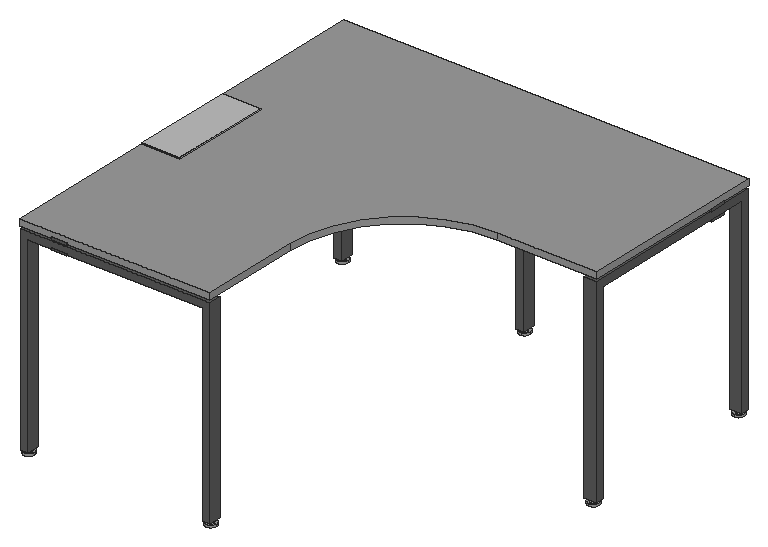
Revit family "Haworth_Tibas_Desk_LShape_AP_PRELIMINARY1", category Furniture, Revit 2019
Family settings
  OmniClass Number = 23.40.70.14.64.11
  OmniClass Title = Office Furniture
  Work Plane-Based = No
  Always vertical = Yes
  Cut with Voids When Loaded = No
  Shared = No
  Room Calculation Point = No
Parameters (values of type "1600/750 x 1600/750")
  Worksurface Width = "1200, 1400, 1500, 1600"  # constant formula
  Worksurface Depth = "600, 700, 750mm"  # constant formula
  With Top = yes
  Warranty = "http://www.haworth.com/resources/product-info/warranties"
  U-Leg Frame R [instance] = yes
  U-Leg Frame [instance] = yes
  Type Comments = ""
  URL = "https://www.haworth.com/ap/en.html"
  Trim Finish = Haworth _ Polymer _ Undecided
  Top Finish [instance] = Haworth _ Laminate _ Undecided _ Tables
  Size = "Verify Final Dim.w/ Haworth"  # constant formula
  Round Cable Outlet = no
  Revision Number = "1"  # constant formula
  Product URL = "https://www.haworth.com/ap/en/products/office-desks/tibas.html"
  No Accessory Kit = not(or(Cable Tray Single, Accessory Kit, Flip Top Cable Outlet, Round Cable Outlet))  # no
  Model = "SYTBLSXXXX"  # constant formula
  Manufacturer = "Haworth"  # constant formula
  Leg Height = Actual Height - 35 mm  # 800.025 mm
  Flip Top Width = 400 mm
  Flip Top Cable Outlet = yes
  Description = "Haworth - Tibas - Desk - L-Shape"  # constant formula
  Depth = 750 mm
  Cable Tray Width = Actual Length - 300 mm  # 1300 mm
  Cable Tray Single = yes
  Cable Tray Finish = Haworth _ Paint _ Metallic Silver
  Beam Width R = Actual Width - 150 mm  # 1450 mm
  Base Finish [instance] = Haworth _ Paint _ Black
  Back Leg Offset = 150 mm  # constant formula
  Author = "Haworth (Abd Rahman)"  # constant formula
  Assembly Code = "E2020200"
  Actual Width = 1600 mm
  Actual Length = 1600 mm
  Actual Height = 835.025 mm
  Actual Depth = 750 mm
  Accessory Kit = and(or(Flip Top Cable Outlet, Round Cable Outlet))  # yes
  1600/750 x 1600/750 = yes
  1600/750 x 1600/600 = no
  1600/700 x 1600/700 = no
  1600/600 x 1600/600 = no
  1600/600 x 1400/600 = no
  1600/600 x 1200/600 = no
  1500/600 x 1500/600 = no
Types (7, lengths in mm): name | Round Cable Outlet | No Accessory Kit | Flip Top Width | Flip Top Cable Outlet | Depth | Cable Tray Width | Cable Tray Single | Beam Width R | Actual Width | Actual Length | Actual Depth | Accessory Kit | 1600/750 x 1600/750 | 1600/750 x 1600/600 | 1600/700 x 1600/700 | 1600/600 x 1600/600 | 1600/600 x 1400/600 | 1600/600 x 1200/600 | 1500/600 x 1500/600
  1500/600 x 1500/600 | no | no | 200 | yes | 600 | 1200 | yes | 1350 | 1500 | 1500 | 600 | yes | no | no | no | no | no | no | yes
  1600/600 x 1200/600 | yes | no | 200 | no | 600 | 900 | yes | 1450 | 1600 | 1200 | 600 | yes | no | no | no | no | no | yes | no
  1600/600 x 1400/600 | no | yes | 200 | no | 600 | 1100 | no | 1450 | 1600 | 1400 | 600 | no | no | no | no | no | yes | no | no
  1600/600 x 1600/600 | no | no | 200 | yes | 600 | 1300 | yes | 1450 | 1600 | 1600 | 600 | yes | no | no | no | yes | no | no | no
  1600/700 x 1600/700 | yes | no | 200 | no | 700 | 1300 | yes | 1450 | 1600 | 1600 | 700 | yes | no | no | yes | no | no | no | no
  1600/750 x 1600/600 | no | yes | 400 | no | 750 | 1300 | no | 1450 | 1600 | 1600 | 600 | no | no | yes | no | no | no | no | no
  1600/750 x 1600/750 | no | no | 400 | yes | 750 | 1300 | yes | 1450 | 1600 | 1600 | 750 | yes | yes | no | no | no | no | no | no
Reference planes
  plane 1 "Center F/B": y = 174.526
  plane 2: z = 0
  plane 3 "Center L/R": x = 114.3
  plane 4 "Top": z = 835.025
  plane 5 "Left": x = -685.7
  plane 6 "Right": x = 914.3
  plane 7 "Back": y = 974.526
  plane 8 "Front": y = -625.474
  plane 9: z = 810.025
  plane 10: z = 800.025
  plane 11: y = 824.526
  plane 12: y = 224.526
  plane 13: x = -535.7
  plane 14: x = 64.3
Dimensions and locks
  "Actual Height": plane 4 "Top" to level
  equal spacing: plane 7 "Back", plane 1 "Center F/B", plane 8 "Front"
  "Actual Length": plane 7 "Back" to plane 8 "Front"
  equal spacing: plane 5 "Left", plane 3 "Center L/R", plane 6 "Right"
  "Actual Width": plane 5 "Left" to plane 6 "Right"
  plane 4 "Top" to plane 9 to plane 10 = 25 mm locked, 10 mm locked
  "Back Leg Offset": plane 7 "Back" to plane 11
  "Actual Depth": plane 7 "Back" to plane 12
  "Back Leg Offset": plane 5 "Left" to plane 13
  "Depth": plane 5 "Left" to plane 14
  aligned and locked: plane 7 "Back" to nested 2
  aligned and locked: nested 2 to plane 6 "Right"
  aligned and locked: nested 3 to plane 7 "Back"
  aligned and locked: nested 3 to plane 5 "Left"
  aligned and locked: nested 4 to plane 8 "Front"
  aligned and locked: nested 4 to plane 5 "Left"
  aligned and locked: plane 1 "Center F/B" to nested 7
  aligned and locked: plane 13 to nested 7
  aligned and locked: nested 6 to plane 11
  aligned and locked: nested 7 to plane 9
  aligned and locked: nested 5 to plane 9
  aligned and locked: nested 6 to plane 9
  aligned and locked: nested 6 to plane 13
  aligned and locked: plane 5 "Left" to nested 1
  aligned and locked: nested 1 to plane 4 "Top"
  aligned and locked: nested 1 to plane 7 "Back"
  aligned and locked: nested 8 to plane 11
  aligned and locked: plane 13 to nested 8
  aligned and locked: plane 4 "Top" to nested 8
  aligned and locked: nested 5 to plane 1 "Center F/B"
  aligned and locked: nested 5 to plane 5 "Left"
  aligned and locked: nested 9 to plane 1 "Center F/B"
  aligned and locked: nested 9 to plane 5 "Left"
  aligned and locked: nested 9 to plane 4 "Top"
Nested families
  nested 1: "Haworth_Tibas_Top_L-Shaped-PART" at (-227.8, 381.386, 365.025) x (0, 1, 0) z (0, 0, 1), Top Finish <- "Top Finish", visible <- "With Top", type "L - Shaped Top"
    with Top Finish Haworth _ Laminate _ Undecided _ Tables
  nested 2: "Haworth_Tibas_Base_U-Leg_PART" at (1046.159, 891.626, 0), visible <- "U-Leg Frame R", Leg Finish <- "Base Finish", type "U-Leg Frame - PART R"
    with Leg Finish Haworth _ Paint _ Black, Actual Height 800.025 mm, Actual Depth 750 mm
  nested 3: "Haworth_Tibas_Base_U-Leg_PART" at (-602.8, 1106.386, 0) x (0, 1, 0) z (0, 0, 1), Leg Finish <- "Base Finish", visible <- "U-Leg Frame R", type "U-Leg Frame - PART R"
    with Leg Finish Haworth _ Paint _ Black, Actual Height 800.025 mm, Actual Depth 750 mm
  nested 4: "Haworth_Tibas_Base_U-Leg_PART" at (-602.8, -443.614, 0) x (0, 1, 0) z (0, 0, 1), Leg Finish <- "Base Finish", visible <- "U-Leg Frame", type "U-Leg Frame - PART L"
    with Leg Finish Haworth _ Paint _ Black, Actual Height 800.025 mm, Actual Depth 750 mm
  nested 5: "Haworth_Tibas_CableManagement_CableTraySingle-PART" at (-887.8, 331.386, 326.425) x (0, 1, 0) z (0, 0, 1), Cable Tray Finish <- "Cable Tray Finish", visible <- "Cable Tray Single", type "Cable Tray Single"
    with Cable Tray Finish Haworth _ Paint _ Metallic Silver, Actual Width 1300 mm
  nested 6: "Haworth_Tibas_Understructure_DeskBeamAP-Leg_PART" at (1046.159, 1116.626, 113.025), Leg Finish <- "Base Finish", type "Beam - Understructure R- PART"
    with Leg Finish Haworth _ Paint _ Black, Actual Width 1450 mm
  nested 7: "Haworth_Tibas_Understructure_DeskBeamAP-Leg_PART" at (-827.8, 1106.386, 116.775) x (0, 1, 0) z (0, 0, 1), Leg Finish <- "Base Finish", type "Beam - Understructure - PART"
    with Leg Finish Haworth _ Paint _ Black, Actual Width 1600 mm
  nested 8: "Haworth_CableOutlet_Round_PART" at (-378.841, 1116.626, 312.793), visible <- "Round Cable Outlet", type "Cable Outlet"
  nested 9: "Haworth-Flip Top" at (-609.367, 160.039, 35.025) x (0, 1, 0) z (0, 0, 1), visible <- "Flip Top Cable Outlet", type "Flip Top - Visio"
    with Flip Top Height 40 mm, Actual Width 400 mm, Actual Depth 150 mm
Definition of nested family "Haworth_Tibas_Top_L-Shaped-PART"
  Parameters (values of type "L - Shaped Top")
    Warranty = "http://www.haworth.com/resources/product-info/warranties"
    URL - Product = ""
    URL = "https://www.haworth.com/eu/en.html"
    Top Finish [instance] = none
    Thickness = 25 mm  # constant formula
    Size = "Verify Final Dim. w/ Haworth"  # constant formula
    Revision Number = "1"  # constant formula
    Model = "Haworth - Tibas"  # constant formula
    Manufacturer = "Haworth"  # constant formula
    Description = "Haworth - Tibas"  # constant formula
    Author = "Haworth (Abd Rahman)"  # constant formula
    Assembly Code = "E2020200"
    Actual Mounting Height = 450 mm
    1600/750 x 1600/750 = yes
    1600/750 x 1600/600 = no
    1600/700 x 1600/700 = no
    1600/600 x 1600/600 = no
    1600/600 x 1400/600 = no
    1600/600 x 1200/600 = no
    1500/600 x 1500/600 = no
  Reference planes
    plane 1: z = -5
    plane 2 "Top of top": z = 470
    plane 3 "Bottom of top": z = 445
    plane 4: x = -1006.859
    plane 5: x = 593.141
    plane 6: x = -206.859
    plane 7: y = 457.9
    plane 8: y = -1142.1
    plane 9: y = -342.1
  Forms (mm)
    Extrusion 1, solid, material <- "Top Finish", visible <- "1600/750 x 1600/750"
      sketch origin (10890.533, -240.205, 0) x (1, 0, 0) y (0, 1, 0)
        loop
          line (-10297.392, 698.105) -> (-11897.392, 698.105) -> (-11897.392, -51.895) -> (-11501.448, -51.895)
          arc (-11501.448, -51.895) -> (-11180.382, -184.885) -> (-11047.392, -505.952) r 454.056
          line (-11047.392, -505.952) -> (-11047.392, -901.895) -> (-10297.392, -901.895) -> (-10297.392, 698.105)
      from 445 to 470
    Extrusion 2, solid, material <- "Top Finish", visible <- "1600/750 x 1600/600"
      sketch origin (8140.533, -40.205, 0) x (1, 0, 0) y (0, 1, 0)
        loop
          line (-9147.392, 498.105) -> (-9147.392, -251.895) -> (-8613.816, -251.895)
          arc (-8613.816, -251.895) -> (-8284.004, -388.508) -> (-8147.392, -718.32) r 466.424
          line (-8147.392, -718.32) -> (-8147.392, -1101.895) -> (-7547.392, -1101.895) -> (-7547.392, 498.105) -> (-9147.392, 498.105)
      from 445 to 470
    Extrusion 3, solid, material <- "Top Finish", visible <- "1600/700 x 1600/700"
      sketch origin (4640.533, 259.795, 0) x (1, 0, 0) y (0, 1, 0)
        loop
          line (-4047.392, 198.105) -> (-5647.392, 198.105) -> (-5647.392, -501.895) -> (-5202.392, -501.895)
          arc (-5202.392, -501.895) -> (-4880.658, -635.162) -> (-4747.392, -956.895) r 455
          line (-4747.392, -956.895) -> (-4747.392, -1401.895) -> (-4047.392, -1401.895) -> (-4047.392, 198.105)
      from 445 to 470
    Extrusion 4, solid, material <- "Top Finish", visible <- "1600/600 x 1600/600"
      sketch origin (11140.533, 3259.795, 0) x (1, 0, 0) y (0, 1, 0)
        loop
          line (-10547.392, -2801.895) -> (-12147.392, -2801.895) -> (-12147.392, -3401.895) -> (-11601.136, -3401.895)
          arc (-11601.136, -3401.895) -> (-11280.291, -3534.794) -> (-11147.392, -3855.64) r 453.745
          line (-11147.392, -3855.64) -> (-11147.392, -4401.895) -> (-10547.392, -4401.895) -> (-10547.392, -2801.895)
      from 445 to 470
    Extrusion 5, solid, material <- "Top Finish", visible <- "1600/600 x 1400/600"
      sketch origin (8190.533, 3759.795, 0) x (1, 0, 0) y (0, 1, 0)
        loop
          line (-7597.392, -3301.895) -> (-8997.392, -3301.895) -> (-8997.392, -3901.895) -> (-8651.069, -3901.895)
          arc (-8651.069, -3901.895) -> (-8330.271, -4034.774) -> (-8197.392, -4355.572) r 453.677
          line (-8197.392, -4355.572) -> (-8197.392, -4901.895) -> (-7597.392, -4901.895) -> (-7597.392, -3301.895)
      from 445 to 470
    Extrusion 6, solid, material <- "Top Finish", visible <- "1600/600 x 1200/600"
      sketch origin (4940.533, 3759.795, 0) x (1, 0, 0) y (0, 1, 0)
        loop
          line (-4347.392, -3301.895) -> (-5547.392, -3301.895) -> (-5547.392, -3901.895) -> (-5401.395, -3901.895)
          arc (-5401.395, -3901.895) -> (-5080.366, -4034.87) -> (-4947.392, -4355.899) r 454.003
          line (-4947.392, -4355.899) -> (-4947.392, -4901.895) -> (-4347.392, -4901.895) -> (-4347.392, -3301.895)
      from 445 to 470
    Extrusion 7, solid, material <- "Top Finish", visible <- "1500/600 x 1500/600"
      sketch origin (11140.533, 6076.475, 0) x (1, 0, 0) y (0, 1, 0)
        loop
          line (-10547.392, -5618.575) -> (-12047.392, -5618.575) -> (-12047.392, -6218.575) -> (-11597.969, -6218.575)
          arc (-11597.969, -6218.575) -> (-11279.363, -6350.546) -> (-11147.392, -6669.152) r 450.578
          line (-11147.392, -6669.152) -> (-11147.392, -7118.575) -> (-10547.392, -7118.575) -> (-10547.392, -5618.575)
      from 445 to 470
  Lines and regions (mm)
    Masking region 1, visible <- "1600/600 x 1200/600"
      outline origin (0, 0, 0) x (1, 0, 0) y (0, 1, 0)
        loop
          line (-606.859, 457.9) -> (-606.859, -142.1) -> (-460.862, -142.1)
          arc (-460.862, -142.1) -> (-139.834, -275.074) -> (-6.859, -596.103) r 454.003
          line (-6.859, -596.103) -> (-6.859, -1142.1) -> (593.141, -1142.1) -> (593.141, 457.9) -> (-606.859, 457.9)
    Masking region 2, visible <- "1600/600 x 1400/600"
      outline origin (0, 0, 0) x (1, 0, 0) y (0, 1, 0)
        loop
          line (-806.859, 457.9) -> (-806.859, -142.1) -> (-460.536, -142.1)
          arc (-460.536, -142.1) -> (-139.738, -274.979) -> (-6.859, -595.777) r 453.677
          line (-6.859, -595.777) -> (-6.859, -1142.1) -> (593.141, -1142.1) -> (593.141, 457.9) -> (-806.859, 457.9)
    Masking region 3, visible <- "1500/600 x 1500/600"
      outline origin (0, 0, 0) x (1, 0, 0) y (0, 1, 0)
        loop
          line (-906.859, 457.9) -> (-906.859, -142.1) -> (-457.437, -142.1)
          arc (-457.437, -142.1) -> (-138.83, -274.071) -> (-6.859, -592.678) r 450.578
          line (-6.859, -592.678) -> (-6.859, -1042.1) -> (593.141, -1042.1) -> (593.141, 457.9) -> (-906.859, 457.9)
    Masking region 4, visible <- "1600/600 x 1600/600"
      outline origin (0, 0, 0) x (1, 0, 0) y (0, 1, 0)
        loop
          line (593.141, 457.9) -> (-1006.859, 457.9) -> (-1006.859, -142.1) -> (-460.604, -142.1)
          arc (-460.604, -142.1) -> (-139.758, -274.999) -> (-6.859, -595.845) r 453.745
          line (-6.859, -595.845) -> (-6.859, -1142.1) -> (593.141, -1142.1) -> (593.141, 457.9)
    Masking region 5, visible <- "1600/700 x 1600/700"
      outline origin (0, 0, 0) x (1, 0, 0) y (0, 1, 0)
        loop
          line (-1006.859, -242.1) -> (-561.859, -242.1)
          arc (-561.859, -242.1) -> (-240.126, -375.366) -> (-106.859, -697.1) r 455
          line (-106.859, -697.1) -> (-106.859, -1142.1) -> (593.141, -1142.1) -> (593.141, 457.9) -> (-1006.859, 457.9) -> (-1006.859, -242.1)
    Masking region 6, visible <- "1600/750 x 1600/600"
      outline origin (0, 0, 0) x (1, 0, 0) y (0, 1, 0)
        loop
          line (-1006.859, -292.1) -> (-473.284, -292.1)
          arc (-473.284, -292.1) -> (-143.472, -428.713) -> (-6.859, -758.524) r 466.424
          line (-6.859, -758.524) -> (-6.859, -1142.1) -> (593.141, -1142.1) -> (593.141, 457.9) -> (-1006.859, 457.9) -> (-1006.859, -292.1)
    Masking region 7, visible <- "1600/750 x 1600/750"
      outline origin (0, 0, 0) x (1, 0, 0) y (0, 1, 0)
        loop
          arc (-610.915, -292.1) -> (-289.849, -425.09) -> (-156.859, -746.156) r 454.056
          line (-156.859, -746.156) -> (-156.859, -1142.1) -> (593.141, -1142.1) -> (593.141, 457.9) -> (-1006.859, 457.9) -> (-1006.859, -292.1) -> (-610.915, -292.1)
  Dimensions and locks
    "Thickness": plane 2 "Top of top" to plane 3 "Bottom of top"
    "Actual Mounting Height": plane 3 "Bottom of top" to plane 1
    equal spacing: plane 4, plane 6, plane 5
    equal spacing: plane 8, plane 9, plane 7
    plane 8 to plane 7 = 1600 mm
    plane 4 to plane 5 = 1600 mm
    aligned and locked: Extrusion 3 to plane 3 "Bottom of top"
    aligned and locked: Extrusion 6 to plane 3 "Bottom of top"
    aligned and locked: plane 2 "Top of top" to Extrusion 3
    aligned and locked: plane 2 "Top of top" to Extrusion 6
    aligned and locked: plane 2 "Top of top" to Extrusion 5
    aligned and locked: plane 2 "Top of top" to Extrusion 2
    aligned and locked: plane 2 "Top of top" to Extrusion 7
    aligned and locked: plane 2 "Top of top" to Extrusion 4
    aligned and locked: plane 2 "Top of top" to Extrusion 1
    aligned and locked: Extrusion 5 to plane 3 "Bottom of top"
    aligned and locked: Extrusion 2 to plane 3 "Bottom of top"
    aligned and locked: Extrusion 7 to plane 3 "Bottom of top"
    aligned and locked: Extrusion 4 to plane 3 "Bottom of top"
    aligned and locked: Extrusion 1 to plane 3 "Bottom of top"
    aligned and locked: plane 8 to Extrusion 6 sketch curve
    aligned and locked: plane 8 to Extrusion 5 sketch curve
  Automatic sketch dimensions
    Extrusion 1 sketch curve to Extrusion 1 sketch curve = 395.944 mm  (x2)
    Extrusion 1 sketch curve to Extrusion 1 sketch curve = 454.056 mm
    Extrusion 1 sketch curve to Extrusion 1 sketch curve = 750 mm  (x2)
    Extrusion 2 sketch curve to Extrusion 2 sketch curve = 533.576 mm
    Extrusion 2 sketch curve to Extrusion 2 sketch curve = 466.424 mm
    Extrusion 2 sketch curve to Extrusion 2 sketch curve = 600 mm
    Extrusion 3 sketch curve to Extrusion 3 sketch curve = 445 mm  (x2)
    Extrusion 3 sketch curve to Extrusion 3 sketch curve = 455 mm
    Extrusion 3 sketch curve to Extrusion 3 sketch curve = 700 mm  (x2)
    Extrusion 4 sketch curve to Extrusion 4 sketch curve = 546.255 mm  (x2)
    Extrusion 4 sketch curve to Extrusion 4 sketch curve = 453.745 mm
    Extrusion 4 sketch curve to Extrusion 4 sketch curve = 600 mm  (x2)
    Extrusion 7 sketch curve to Extrusion 7 sketch curve = 449.422 mm  (x2)
    Extrusion 7 sketch curve to Extrusion 7 sketch curve = 450.578 mm
    Extrusion 7 sketch curve to Extrusion 7 sketch curve = 600 mm  (x2)
    Extrusion 2 sketch curve to Extrusion 2 sketch curve = 383.576 mm
    Extrusion 2 sketch curve to Extrusion 2 sketch curve = 750 mm
    plane 7 to Extrusion 6 sketch curve = 0 mm
    Extrusion 6 sketch curve to plane 5 = 0 mm
    Extrusion 6 sketch curve to plane 6 = 254.003 mm
    plane 6 to Extrusion 6 sketch curve = 200 mm
    plane 9 to Extrusion 6 sketch curve = 254.003 mm
    Extrusion 6 sketch curve to Extrusion 6 sketch curve = 145.997 mm
    plane 7 to Extrusion 5 sketch curve = 0 mm
    Extrusion 5 sketch curve to plane 5 = 0 mm
    plane 6 to Extrusion 5 sketch curve = 200 mm
    Extrusion 5 sketch curve to plane 6 = 253.677 mm
    Extrusion 5 sketch curve to Extrusion 5 sketch curve = 346.323 mm
    plane 9 to Extrusion 5 sketch curve = 253.677 mm
    plane 7 to Masking region 1 sketch curve = 0 mm
    plane 8 to Masking region 1 sketch curve = 0 mm
    Masking region 1 sketch curve to plane 5 = 0 mm
    plane 6 to Masking region 1 sketch curve = 200 mm
    Masking region 1 sketch curve to plane 6 = 254.003 mm
    Masking region 1 sketch curve to plane 4 = 400 mm
    plane 9 to Masking region 1 sketch curve = 254.003 mm
    plane 7 to Masking region 2 sketch curve = 0 mm
    plane 8 to Masking region 2 sketch curve = 0 mm
    Masking region 2 sketch curve to plane 5 = 0 mm
    plane 6 to Masking region 2 sketch curve = 200 mm
    Masking region 2 sketch curve to plane 6 = 253.677 mm
    Masking region 2 sketch curve to plane 4 = 200 mm
    plane 9 to Masking region 2 sketch curve = 253.677 mm
    plane 7 to Masking region 3 sketch curve = 0 mm
    Masking region 3 sketch curve to plane 5 = 0 mm
    plane 6 to Masking region 3 sketch curve = 200 mm
    Masking region 3 sketch curve to plane 6 = 250.578 mm
    Masking region 3 sketch curve to plane 4 = 100 mm
    Masking region 3 sketch curve to plane 9 = 200 mm
    Masking region 3 sketch curve to plane 8 = 100 mm
    Masking region 4 sketch curve to plane 4 = 0 mm
    plane 8 to Masking region 4 sketch curve = 0 mm
    Masking region 4 sketch curve to plane 5 = 0 mm
    plane 7 to Masking region 4 sketch curve = 0 mm
    Masking region 4 sketch curve to plane 6 = 253.745 mm
    plane 6 to Masking region 4 sketch curve = 200 mm
    plane 9 to Masking region 4 sketch curve = 253.745 mm
    Masking region 5 sketch curve to plane 4 = 0 mm
    plane 8 to Masking region 5 sketch curve = 0 mm
    Masking region 5 sketch curve to plane 5 = 0 mm
    plane 7 to Masking region 5 sketch curve = 0 mm
    Masking region 5 sketch curve to plane 9 = 100 mm
    Masking region 5 sketch curve to plane 6 = 355 mm
    plane 6 to Masking region 5 sketch curve = 100 mm
    Masking region 6 sketch curve to plane 4 = 0 mm
    plane 8 to Masking region 6 sketch curve = 0 mm
    Masking region 6 sketch curve to plane 5 = 0 mm
    plane 7 to Masking region 6 sketch curve = 0 mm
    Masking region 6 sketch curve to plane 9 = 50 mm
    Masking region 6 sketch curve to plane 6 = 266.424 mm
    plane 6 to Masking region 6 sketch curve = 200 mm
    Masking region 7 sketch curve to plane 4 = 0 mm
    plane 8 to Masking region 7 sketch curve = 0 mm
    Masking region 7 sketch curve to plane 5 = 0 mm
    plane 7 to Masking region 7 sketch curve = 0 mm
    Masking region 7 sketch curve to plane 4 = 395.944 mm
    plane 6 to Masking region 7 sketch curve = 50 mm
    Masking region 7 sketch curve to plane 8 = 395.944 mm
Definition of nested family "Haworth_Tibas_Base_U-Leg_PART"
  Parameters (values of type "U-Leg Frame - PART")
    Warranty = "http://www.haworth.com/resources/product-info/warranties"
    URL - Product = "https://www.haworth.com/eu/products/tables/desks/tibas"
    URL = "https://www.haworth.com/ap/en.html"
    Size = "Verify Final Dim. w/ Haworth"  # constant formula
    Revision Number = "1"  # constant formula
    Model = "Haworth - Tibas"  # constant formula
    Manufacturer = "Haworth"  # constant formula
    Leg Finish [instance] = none
    Glide Finish = none
    Description = "Haworth - Tibas - Complete Frame - PART"  # constant formula
    Author = "Haworth (Abd Rahman)"  # constant formula
    Assembly Code = "E2020200"
    Actual Width = 50 mm  # constant formula
    Actual Height = 450 mm
    Actual Depth = 400 mm
  Reference planes
    plane 1: z = 0
    plane 2 "Center L/R": x = -156.859
    plane 3 "Center F/B": y = -292.1
    plane 4 "Top": z = 450
    plane 5: z = 15.979
    plane 6: z = 420
    plane 7: x = -181.859
    plane 8: x = -131.859
    plane 9: y = -92.1
    plane 10: y = -492.1
    plane 11: y = -122.1
    plane 12: y = -462.1
    plane 13: y = -107.1
    plane 14: y = -84.939
    plane 15: y = -477.1
    plane 16: y = -499.261
  Forms (mm)
    Extrusion 1, solid, material <- "Leg Finish"
      sketch origin (0, -292.1, 0) x (1, 0, 0) y (0, 0, 1)
        loop
          line (-181.859, 450) -> (-181.859, 15.979) -> (-131.859, 15.979) -> (-131.859, 450) -> (-181.859, 450)
      from -200 to -170
    Extrusion 2, solid, material <- "Leg Finish"
      sketch origin (0, -292.1, 0) x (1, 0, 0) y (0, 0, -1)
        loop
          line (-181.859, -450) -> (-131.859, -450) -> (-131.859, -15.979) -> (-181.859, -15.979) -> (-181.859, -450)
      from -200 to -170
    Extrusion 3, solid, material <- "Leg Finish"
      sketch origin (-156.859, 0, 0) x (0, 1, 0) y (0, 0, 1)
        loop
          line (-462.1, 450) -> (-462.1, 420) -> (-122.1, 420) -> (-122.1, 450) -> (-462.1, 450)
      from -25 to 25
    Revolve 4, solid, material <- "Glide Finish"
      sketch origin (-156.859, 17.9, 0) x (0, 1, 0) y (0, 0, 1)
        loop
          line (-125, 15.979) -> (-125, 0) -> (-102.839, 0) -> (-102.839, 6) -> (-115.146, 6) -> (-120, 10.854) -> (-120, 15.979) -> (-125, 15.979)
        axis (-125, 15.979) -> (-125, 0)
      angle from 0 to 360
    Revolve 5, solid, material <- "Glide Finish"
      sketch origin (-156.859, -602.1, 0) x (0, -1, 0) y (0, 0, 1)
        loop
          line (-125, 15.979) -> (-125, 0) -> (-102.839, 0) -> (-102.839, 6) -> (-115.146, 6) -> (-120, 10.854) -> (-120, 15.979) -> (-125, 15.979)
        axis (-125, 15.979) -> (-125, 0)
      angle from 0 to 360
  Cuts and joins
    joined: Extrusion 1, Extrusion 2, Extrusion 3
  Lines and regions (mm)
    Masking region 1
      outline origin (0, 0, 0) x (1, 0, 0) y (0, 1, 0)
        loop
          line (-181.859, -92.1) -> (-181.859, -492.1) -> (-131.859, -492.1) -> (-131.859, -92.1) -> (-181.859, -92.1)
  Dimensions and locks
    "Actual Height": plane 4 "Top" to plane 1
    equal spacing: plane 9, plane 3 "Center F/B", plane 10
    "Actual Depth": plane 9 to plane 10
    equal spacing: plane 7, plane 2 "Center L/R", plane 8
    "Actual Width": plane 7 to plane 8
    locked: plane 9 to plane 11 at 30
    locked: plane 10 to plane 12 at 30
    "Actual Height": plane 4 "Top" to level
    locked: plane 6 to plane 4 "Top" at 30
    locked: plane 5 to level at 15.979
    plane 13 to plane 9 to plane 14 = 15 mm locked, 7.161 mm locked
    plane 16 to plane 10 to plane 15 = 7.161 mm locked, 15 mm locked
    aligned and locked: Extrusion 1 sketch curve to plane 7
    aligned and locked: plane 8 to Extrusion 1 sketch curve
    aligned and locked: plane 5 to Extrusion 1 sketch curve
    aligned and locked: Extrusion 1 sketch curve to plane 4 "Top"
    aligned and locked: plane 9 to Extrusion 1
    aligned and locked: Extrusion 1 to plane 11
    aligned and locked: plane 7 to Extrusion 2
    aligned and locked: Extrusion 2 to plane 8
    aligned and locked: Extrusion 2 to plane 12
    aligned and locked: plane 10 to Extrusion 2
    aligned and locked: plane 4 "Top" to Extrusion 2
    aligned and locked: Extrusion 2 to plane 5
    aligned and locked: Extrusion 3 sketch curve to plane 11
    aligned and locked: Extrusion 3 sketch curve to plane 4 "Top"
    aligned and locked: Extrusion 3 sketch curve to plane 12
    aligned and locked: Extrusion 3 sketch curve to plane 6
    aligned and locked: plane 7 to Extrusion 3
    aligned and locked: Extrusion 3 to plane 8
    aligned and locked: plane 8 to Masking region 1 sketch curve
    aligned and locked: Masking region 1 sketch curve to plane 9
    aligned and locked: Masking region 1 sketch curve to plane 7
    aligned and locked: Masking region 1 sketch curve to plane 10
    aligned and locked: Revolve 4 sketch curve to plane 13  (x2)
    aligned and locked: plane 14 to Revolve 4 sketch curve
    aligned and locked: plane 15 to Revolve 5 sketch curve  (x2)
    aligned and locked: Revolve 5 sketch curve to plane 16
    aligned and locked: Revolve 5 sketch curve to plane 5
    aligned and locked: Revolve 5 sketch curve to plane 1
    aligned and locked: plane 5 to Revolve 4 sketch curve
    aligned and locked: plane 1 to Revolve 4 sketch curve
  Automatic sketch dimensions
    Extrusion 2 sketch curve to plane 5 = 0 mm
    plane 7 to Extrusion 2 sketch curve = 0 mm
    plane 8 to Extrusion 2 sketch curve = 0 mm
    Extrusion 2 sketch curve to plane 4 "Top" = 0 mm
    level to Revolve 4 sketch curve = 0 mm
    plane 5 to Revolve 4 sketch curve = 0 mm
    plane 13 to Revolve 4 sketch curve = 5 mm
    Revolve 4 sketch curve to plane 9 = 5.146 mm
    Revolve 4 sketch curve to Revolve 4 sketch curve = 6 mm
    Revolve 4 sketch curve to plane 5 = 5.126 mm
    Revolve 5 sketch curve to level = 0 mm
    Revolve 5 sketch curve to plane 5 = 0 mm
    Revolve 5 sketch curve to plane 15 = 5 mm
    plane 10 to Revolve 5 sketch curve = 5.146 mm
    Revolve 5 sketch curve to Revolve 5 sketch curve = 6 mm
    plane 5 to Revolve 5 sketch curve = 5.126 mm
Definition of nested family "Haworth_Tibas_CableManagement_CableTraySingle-PART"
  Parameters (values of type "Cable Tray Single")
    Warranty = "http://www.haworth.com/resources/product-info/warranties"
    URL - Product = "https://www.haworth.com/eu/products/tables/desks/tibas"
    URL = "https://www.haworth.com/ap/en.html"
    Size = "Verify Final Dim. w/ Haworth"  # constant formula
    Revision Number = "1"  # constant formula
    Model = "Haworth - Tibas"  # constant formula
    Manufacturer = "Haworth"  # constant formula
    Description = "Haworth - Tibas - Cable Tray Single - PART"  # constant formula
    Cable Tray Finish [instance] = none
    Author = "Haworth (Abd Rahman)"  # constant formula
    Assembly Code = "E2020200"
    Actual Width = 1500 mm
    Actual Height = 450 mm
    Actual Depth = 180 mm  # constant formula
  Reference planes
    plane 1: z = 0
    plane 2 "Center L/R": x = -156.859
    plane 3 "Center F/B": y = -292.1
    plane 4 "Top": z = 450
    plane 5: z = 340
    plane 6: x = -906.859
    plane 7: x = 593.141
    plane 8: y = -202.1
    plane 9: y = -382.1
    plane 10: x = 528.1
    plane 11: x = -849.3
    plane 12: x = 536.1
    plane 13: x = -907.1
    plane 14: x = 593.9
    plane 15: x = -840.653
    plane 16: y = -217.421
    plane 17: y = -260.986
    plane 18: y = -225.446
    plane 19: y = -255.427
    plane 20: x = -871.604
    plane 21: x = -858.804
    plane 22: x = 557.885
    plane 23: x = 545.085
    plane 24: y = -217.421
    plane 25: y = -260.986
    plane 26: y = -225.446
    plane 27: y = -255.427
  Forms (mm)
    Extrusion 1, solid, material <- "Cable Tray Finish"
      sketch origin (-156.859, -30.547, -3.398) x (0, 1, 0) y (0, 0, 1)
        loop
          line (-379.529, 445.8) -> (-342.535, 445.8) -> (-324.091, 341.198) -> (-322.872, 341.198) -> (-341.528, 447) -> (-379.529, 447) -> (-379.529, 445.8)
      from -750 to -692.441
    Extrusion 2, solid, material <- "Cable Tray Finish"
      sketch origin (-156.859, 0, 0) x (0, 1, 0) y (0, 0, 1)
        loop
          line (-363.514, 401.812) -> (-352.227, 337.8) -> (-227.227, 337.8) -> (-227.227, 367.8) -> (-227.927, 368.5) -> (-228.627, 367.8) -> (-228.627, 362.5) -> (-227.825, 362.5) -> (-227.927, 338.5) -> (-351.64, 338.5) -> (-362.022, 396.694) -> (-361.215, 396.836) -> (-362.135, 402.056) -> (-362.946, 402.623) -> (-363.514, 401.812)
      from -750 to 750
    Extrusion 3, solid, material <- "Cable Tray Finish"
      sketch origin (-156.859, -30.547, -3.398) x (0, 1, 0) y (0, 0, -1)
        loop
          line (-379.529, -445.8) -> (-379.529, -447) -> (-341.528, -447) -> (-322.872, -341.198) -> (-324.091, -341.198) -> (-342.535, -445.8) -> (-379.529, -445.8)
      from -750 to -692.959
    Extrusion 4, solid, material <- "Cable Tray Finish"
      sketch origin (-156.859, -587.95, 0) x (0, -1, 0) y (0, 0, 1)
        loop
          line (-332.523, 483.6) -> (-361.304, 483.6) -> (-362.504, 482.4) -> (-362.504, 337.8) -> (-361.304, 337.8) -> (-361.304, 482.4) -> (-332.523, 482.4) -> (-332.523, 483.6)
      from -750 to -684.959
    Extrusion 5, solid, material <- "Cable Tray Finish"
      sketch origin (-156.859, 0, 0) x (0, 1, 0) y (0, 0, -1)
        loop
          line (-370.841, -436.6) -> (-226.646, -436.6) -> (-226.646, -337.8) -> (-353.42, -337.8) -> (-370.841, -436.6)
      from -750.759 to -750
    Extrusion 6, void
      sketch origin (-156.859, 0, 0) x (0, 1, 0) y (0, 0, 1)
        loop
          line (-266.379, 413.562) -> (-313.379, 413.562)
          arc (-313.379, 413.562) -> (-316.915, 412.098) -> (-318.379, 408.562) r 5
          line (-318.379, 408.562) -> (-318.379, 361.562)
          arc (-318.379, 361.562) -> (-316.915, 358.027) -> (-313.379, 356.562) r 5
          line (-313.379, 356.562) -> (-266.379, 356.562)
          arc (-266.379, 356.562) -> (-262.844, 358.027) -> (-261.379, 361.562) r 5
          line (-261.379, 361.562) -> (-261.379, 408.562)
          arc (-261.379, 408.562) -> (-262.844, 412.098) -> (-266.379, 413.562) r 5
        loop
          line (-316.379, 361.563) -> (-315.978, 360.062) -> (-314.879, 358.964) -> (-313.379, 358.563) -> (-266.379, 358.563) -> (-264.879, 358.964) -> (-263.781, 360.062) -> (-263.379, 361.563) -> (-263.379, 408.563) -> (-263.781, 410.062) -> (-264.879, 411.161) -> (-266.379, 411.562) -> (-313.379, 411.562) -> (-314.879, 411.161) -> (-315.978, 410.062) -> (-316.379, 408.563) -> (-316.379, 361.563)
      from -2562.987 to 2370.88
    Extrusion 7, solid, material <- "Cable Tray Finish"
      sketch origin (-156.859, -587.95, 0) x (0, -1, 0) y (0, 0, -1)
        loop
          line (-332.523, -483.6) -> (-332.523, -482.4) -> (-361.304, -482.4) -> (-361.304, -337.8) -> (-362.504, -337.8) -> (-362.504, -482.4) -> (-361.304, -483.6) -> (-332.523, -483.6)
      from -750 to -683.794
    Extrusion 8, void
      sketch origin (0, 0, 0) x (1, 0, 0) y (0, 1, 0)
        loop
          arc (-871.604, -252.427) -> (-870.725, -254.548) -> (-868.604, -255.427) r 3
          line (-868.604, -255.427) -> (-861.797, -255.427)
          arc (-861.797, -255.427) -> (-859.68, -254.55) -> (-858.804, -252.434) r 2.993
          line (-858.804, -252.434) -> (-858.804, -225.446) -> (-871.604, -225.446) -> (-871.604, -252.427)
        loop
          line (-907.1, -217.421) -> (-907.1, -260.986) -> (-840.653, -260.986) -> (-840.653, -217.421) -> (-907.1, -217.421)
      from 482.4 to 493.586
    Extrusion 9, void
      sketch origin (-313.718, 0, 0) x (-1, 0, 0) y (0, -1, 0)
        loop
          line (-871.604, 252.427) -> (-871.604, 225.446) -> (-858.804, 225.446) -> (-858.804, 252.434)
          arc (-858.804, 252.434) -> (-859.68, 254.55) -> (-861.797, 255.427) r 2.993
          line (-861.797, 255.427) -> (-868.604, 255.427)
          arc (-868.604, 255.427) -> (-870.725, 254.548) -> (-871.604, 252.427) r 3
        loop
          line (-907.618, 217.421) -> (-841.818, 217.421) -> (-841.818, 260.986) -> (-907.618, 260.986) -> (-907.618, 217.421)
      from 482.4 to 493.586
    Extrusion 10, solid, material <- "Cable Tray Finish"
      sketch origin (-156.859, 0, 0) x (0, 1, 0) y (0, 0, 1)
        loop
          line (-370.841, 436.6) -> (-353.42, 337.8) -> (-226.646, 337.8) -> (-226.646, 436.6) -> (-370.841, 436.6)
      from -750 to -750.241
  Cuts and joins
    Extrusion 8 cuts Extrusion 1
    Extrusion 8 cuts Extrusion 2
    Extrusion 8 cuts Extrusion 3
    Extrusion 6, Extrusion 8 cuts Extrusion 5
    joined: Extrusion 1, Extrusion 2, Extrusion 3, Extrusion 5
    Extrusion 8, Extrusion 9 cuts Extrusion 7
    Extrusion 9 cuts Extrusion 4
    Extrusion 6 cuts Extrusion 10
  Lines and regions (mm)
    Masking region 1
      outline origin (0, 0, 0) x (1, 0, 0) y (0, 1, 0)
        loop
          line (-906.859, -202.1) -> (-906.859, -382.1) -> (593.141, -382.1) -> (593.141, -202.1) -> (-906.859, -202.1)
  Dimensions and locks
    "Actual Height": plane 4 "Top" to plane 1
    equal spacing: plane 8, plane 3 "Center F/B", plane 9
    "Actual Depth": plane 8 to plane 9
    equal spacing: plane 6, plane 2 "Center L/R", plane 7
    "Actual Width": plane 6 to plane 7
    "Actual Height": plane 4 "Top" to level
    plane 5 to plane 4 "Top" = 110 mm
    plane 10 to plane 12 to plane 7 to plane 14 = 8 mm locked, 57.041 mm locked, 0.759 mm locked
    plane 13 to plane 6 to plane 11 = 0.241 mm locked, 57.559 mm locked
    locked: plane 11 to plane 15 at 8.647
    plane 20 to plane 21 to plane 11 = 12.8 mm locked, 9.504 mm locked
    plane 17 to plane 19 to plane 18 to plane 16 to plane 8 = 5.559 mm locked, 29.981 mm locked, 8.025 mm locked, 15.321 mm locked
    plane 10 to plane 12 to plane 23 to plane 22 = 8 mm, 8.985 mm, 12.8 mm
    plane 8 to plane 24 to plane 26 to plane 27 to plane 25 = 15.321 mm locked, 8.025 mm locked, 29.981 mm locked, 5.559 mm locked
    aligned and locked: Masking region 1 sketch curve to plane 8
    aligned and locked: Masking region 1 sketch curve to plane 6
    aligned and locked: Masking region 1 sketch curve to plane 9
    aligned and locked: plane 7 to Masking region 1 sketch curve
    aligned and locked: Extrusion 1 to plane 11
    aligned and locked: plane 6 to Extrusion 1
    aligned and locked: Extrusion 2 to plane 6
    aligned and locked: Extrusion 2 to plane 7
    aligned and locked: Extrusion 3 to plane 7
    aligned and locked: plane 12 to Extrusion 3
    aligned and locked: Extrusion 4 to plane 7
    aligned and locked: Extrusion 5 to plane 14
    aligned and locked: plane 7 to Extrusion 5
    aligned and locked: plane 10 to Extrusion 4
    aligned and locked: plane 6 to Extrusion 7
    aligned and locked: plane 15 to Extrusion 7
    aligned and locked: Extrusion 8 sketch curve to plane 13
    aligned and locked: plane 16 to Extrusion 8 sketch curve
    aligned and locked: Extrusion 8 sketch curve to plane 17
    aligned and locked: Extrusion 8 sketch curve to plane 15
    aligned and locked: Extrusion 8 sketch curve to plane 20
    aligned and locked: plane 21 to Extrusion 8 sketch curve
    aligned and locked: Extrusion 8 sketch curve to plane 18
    aligned and locked: plane 19 to Extrusion 8 sketch curve
    aligned and locked: Extrusion 9 sketch curve to plane 22
    aligned and locked: Extrusion 9 sketch curve to plane 23
    aligned and locked: plane 10 to Extrusion 9 sketch curve
    aligned and locked: Extrusion 9 sketch curve to plane 14
    aligned and locked: plane 25 to Extrusion 9 sketch curve
    aligned and locked: Extrusion 9 sketch curve to plane 24
    aligned and locked: Extrusion 9 sketch curve to plane 27
    aligned and locked: plane 26 to Extrusion 9 sketch curve
    aligned and locked: Extrusion 10 to plane 13
    aligned and locked: Extrusion 10 to plane 6
  Automatic sketch dimensions
    Extrusion 1 sketch curve to plane 4 "Top" = 7.598 mm
    plane 9 to Extrusion 1 sketch curve = 27.975 mm
    Extrusion 1 sketch curve to plane 9 = 9.018 mm
    Extrusion 1 sketch curve to Extrusion 1 sketch curve = 1.007 mm
    plane 5 to Extrusion 1 sketch curve = 2.2 mm
    Extrusion 1 sketch curve to plane 9 = 27.462 mm
    Extrusion 1 sketch curve to Extrusion 1 sketch curve = 1.219 mm
    Extrusion 1 sketch curve to Extrusion 1 sketch curve = 1.2 mm
    Extrusion 2 sketch curve to plane 9 = 18.586 mm
    Extrusion 2 sketch curve to Extrusion 2 sketch curve = 0.568 mm  (x2)
    Extrusion 2 sketch curve to Extrusion 2 sketch curve = 0.811 mm
    Extrusion 2 sketch curve to Extrusion 2 sketch curve = 1.492 mm
    Extrusion 2 sketch curve to Extrusion 2 sketch curve = 0.807 mm
    plane 5 to Extrusion 2 sketch curve = 2.2 mm
    Extrusion 2 sketch curve to plane 9 = 29.873 mm
    plane 5 to Extrusion 2 sketch curve = 1.5 mm
    Extrusion 2 sketch curve to Extrusion 2 sketch curve = 0.587 mm
    Extrusion 2 sketch curve to plane 8 = 26.527 mm
    Extrusion 2 sketch curve to Extrusion 2 sketch curve = 0.7 mm  (x4)
    Extrusion 2 sketch curve to Extrusion 2 sketch curve = 0.802 mm
    Extrusion 2 sketch curve to plane 5 = 22.5 mm
    Extrusion 2 sketch curve to Extrusion 2 sketch curve = 5.3 mm
    Extrusion 2 sketch curve to Extrusion 2 sketch curve = 0 mm
    Extrusion 2 sketch curve to plane 4 "Top" = 53.306 mm
    Extrusion 2 sketch curve to Extrusion 2 sketch curve = 0.142 mm
    Extrusion 2 sketch curve to Extrusion 2 sketch curve = 5.119 mm
    Extrusion 2 sketch curve to Extrusion 2 sketch curve = 0.243 mm
    Extrusion 3 sketch curve to plane 4 "Top" = 7.598 mm
    plane 9 to Extrusion 3 sketch curve = 27.975 mm
    Extrusion 3 sketch curve to plane 9 = 9.018 mm
    Extrusion 3 sketch curve to Extrusion 3 sketch curve = 1.007 mm
    plane 5 to Extrusion 3 sketch curve = 2.2 mm
    Extrusion 3 sketch curve to plane 9 = 27.462 mm
    Extrusion 3 sketch curve to Extrusion 3 sketch curve = 1.219 mm
    Extrusion 3 sketch curve to Extrusion 3 sketch curve = 1.2 mm
    Extrusion 4 sketch curve to plane 8 = 23.346 mm
    Extrusion 4 sketch curve to Extrusion 4 sketch curve = 1.2 mm  (x3)
    Extrusion 4 sketch curve to Extrusion 4 sketch curve = 28.781 mm
    plane 5 to Extrusion 4 sketch curve = 2.2 mm
    plane 4 "Top" to Extrusion 4 sketch curve = 32.4 mm
    Extrusion 4 sketch curve to Extrusion 4 sketch curve = 0 mm
    Extrusion 5 sketch curve to plane 9 = 11.259 mm
    plane 5 to Extrusion 5 sketch curve = 2.2 mm
    Extrusion 5 sketch curve to plane 9 = 28.68 mm
    Extrusion 5 sketch curve to plane 8 = 24.546 mm  (x2)
    Extrusion 5 sketch curve to plane 4 "Top" = 13.4 mm
    plane 3 "Center F/B" to Extrusion 6 sketch curve = 26.279 mm
    Extrusion 6 sketch curve to Extrusion 6 sketch curve = 2 mm  (x3)
    Extrusion 6 sketch curve to Extrusion 6 sketch curve = 0.402 mm  (x6)
    Extrusion 6 sketch curve to Extrusion 6 sketch curve = 1.098 mm  (x8)
    Extrusion 6 sketch curve to Extrusion 6 sketch curve = 1.5 mm  (x8)
    Extrusion 6 sketch curve to Extrusion 6 sketch curve = 0 mm  (x6)
    Extrusion 6 sketch curve to plane 3 "Center F/B" = 25.721 mm  (x2)
    Extrusion 6 sketch curve to plane 5 = 16.562 mm
    Extrusion 6 sketch curve to plane 4 "Top" = 41.438 mm
    Extrusion 7 sketch curve to plane 8 = 23.346 mm
    Extrusion 7 sketch curve to Extrusion 7 sketch curve = 1.2 mm  (x2)
    Extrusion 7 sketch curve to Extrusion 7 sketch curve = 0 mm  (x2)
    Extrusion 7 sketch curve to Extrusion 7 sketch curve = 28.781 mm
    plane 4 "Top" to Extrusion 7 sketch curve = 33.6 mm
    plane 5 to Extrusion 7 sketch curve = 2.2 mm
    Extrusion 8 sketch curve to plane 19 = 3 mm
    plane 21 to Extrusion 8 sketch curve = 2.993 mm
    Extrusion 9 sketch curve to Extrusion 9 sketch curve = 3 mm
    Extrusion 9 sketch curve to plane 23 = 2.993 mm
    Extrusion 10 sketch curve to plane 9 = 11.259 mm
    plane 5 to Extrusion 10 sketch curve = 2.2 mm
    Extrusion 10 sketch curve to plane 9 = 28.68 mm
    Extrusion 10 sketch curve to plane 8 = 24.546 mm  (x2)
    Extrusion 10 sketch curve to plane 4 "Top" = 13.4 mm
Definition of nested family "Haworth_Tibas_Understructure_DeskBeamAP-Leg_PART"
  Parameters (values of type "Beam - Understructure - PART")
    Warranty = "http://www.haworth.com/resources/product-info/warranties"
    URL - Product = "https://www.haworth.com/eu/products/tables/desks/tibas"
    URL = "https://www.haworth.com/ap/en.html"
    Size = "Verify Final Dim. w/ Haworth"  # constant formula
    Revision Number = "1"  # constant formula
    Model = "Haworth - Tibas"  # constant formula
    Manufacturer = "Haworth"  # constant formula
    Leg Finish [instance] = none
    Description = "Haworth - Tibas - PART"  # constant formula
    Connector Width [instance] = 54.9 mm
    Author = "Haworth (Abd Rahman)"  # constant formula
    Assembly Code = "E2020200"
    Actual Width = 850 mm
    Actual Height = 680 mm
    Actual Depth = 70 mm  # constant formula
  Reference planes
    plane 1: z = 0
    plane 2 "Center L/R": x = -156.859
    plane 3 "Center F/B": y = -292.1
    plane 4 "Top": z = 680
    plane 5: z = 650
    plane 6: x = -181.859
    plane 7: x = -131.859
    plane 8: y = -257.1
    plane 9: y = -327.1
    plane 10: z = 697
    plane 11: z = 687
    plane 12: z = 658.979
    plane 13: x = -177.854
    plane 14: x = -186.759
    plane 15: x = -981.859
    plane 16: x = -556.859
    plane 17 "Center F/E": x = -956.859
    plane 18: x = -931.859
    plane 19: x = -935.864
    plane 20: x = -926.959
    plane 21: y = -277.1
    plane 22: y = -317.1
    plane 23: x = -531.859
    plane 24: x = -581.859
    plane 25: y = -239.062
    plane 26: y = -626.062
  Forms (mm)
    Extrusion 1, solid, material <- "Leg Finish"
      sketch origin (0, -292.1, 0) x (1, 0, 0) y (0, 0, 1)
        loop
          line (-186.759, 650) -> (-131.859, 650) -> (-131.859, 656.842) -> (-177.854, 656.842) -> (-177.854, 687) -> (-131.859, 687) -> (-131.859, 697) -> (-186.759, 697) -> (-186.759, 650)
      from -27.1 to 32.9
    Extrusion 2, solid, material <- "Leg Finish"
      sketch origin (0, 0, 0) x (1, 0, 0) y (0, 1, 0)
        loop
          line (-177.854, -317.1) -> (-177.854, -277.1) -> (-935.864, -277.1) -> (-935.864, -317.1) -> (-177.854, -317.1)
      from 658.979 to 687
    Extrusion 3, solid, material <- "Leg Finish"
      sketch origin (-863.718, -292.1, 0) x (-1, 0, 0) y (0, 0, -1)
        loop
          line (63.241, -650) -> (63.241, -697) -> (118.141, -697) -> (118.141, -687) -> (72.146, -687) -> (72.146, -656.842) -> (118.141, -656.842) -> (118.141, -650) -> (63.241, -650)
      from -27.1 to 32.9
    Extrusion 4, solid, material <- "Leg Finish"
      sketch origin (687.577, 3018.624, -10.35) x (0, 1, 0) y (0, 0, 1)
        loop
          line (-3636.674, 692.589) -> (-3380.675, 678.993) -> (-3333.224, 663.6) -> (-3265.746, 663.6)
          arc (-3265.746, 663.6) -> (-3260.046, 665.961) -> (-3257.685, 671.66) r 8.06
          line (-3257.685, 671.66) -> (-3257.685, 703.6) -> (-3644.685, 703.6) -> (-3644.685, 700.6)
          arc (-3644.685, 700.6) -> (-3642.339, 694.935) -> (-3636.674, 692.589) r 8.011
      from -1269.436 to -1219.436
  Lines and regions (mm)
    Masking region 1
      outline origin (0, 0, 0) x (1, 0, 0) y (0, 1, 0)
        loop
          line (-926.959, -277.1) -> (-926.959, -262.5) -> (-981.859, -262.5) -> (-981.859, -325) -> (-926.959, -325) -> (-926.959, -317.1) -> (-186.759, -317.1) -> (-186.759, -325) -> (-131.859, -325) -> (-131.859, -265) -> (-186.759, -265) -> (-186.759, -277.1) -> (-926.959, -277.1)
  Dimensions and locks
    "Actual Height": plane 4 "Top" to plane 1
    equal spacing: plane 8, plane 3 "Center F/B", plane 9
    "Actual Depth": plane 8 to plane 9
    equal spacing: plane 6, plane 2 "Center L/R", plane 7
    "Actual Height": plane 4 "Top" to level
    locked: plane 5 to plane 4 "Top" at 30
    Extrusion 1 sketch curve to Extrusion 2 = 10 mm
    equal spacing: plane 15, plane 16, plane 7
    plane 15 to plane 7 = 850 mm
    plane 14 to plane 6 to plane 13 to plane 2 "Center L/R" to plane 7 = 4.9 mm locked, 4.005 mm locked, 20.995 mm locked, 25 mm locked
    plane 15 to plane 16 to plane 7 = 425 mm, 425 mm
    "Connector Width": plane 14 to plane 7
    "Actual Width": plane 15 to plane 7
    plane 18 to plane 17 "Center F/E" = 25 mm
    plane 20 to plane 18 to plane 19 to plane 17 "Center F/E" to plane 15 = 4.9 mm locked, 4.005 mm locked, 20.995 mm locked, 25 mm locked
    locked: plane 8 to plane 21 at 20
    locked: plane 22 to plane 9 at 10
    plane 24 to plane 16 to plane 23 = 25 mm locked, 25 mm locked
    plane 25 to plane 8 to plane 3 "Center F/B" to plane 9 to plane 26 = 18.038 mm locked, 35 mm locked, 35 mm locked, 298.962 mm locked
    aligned and locked: Extrusion 2 to plane 11
    aligned and locked: Extrusion 2 to plane 12
    aligned and locked: Extrusion 2 to plane 13
    aligned and locked: plane 11 to Extrusion 1
    aligned and locked: Extrusion 1 to plane 13
    aligned and locked: Extrusion 1 to plane 7  (x2)
    aligned and locked: plane 5 to Extrusion 1
    aligned and locked: Extrusion 1 to plane 10
    aligned and locked: plane 14 to Extrusion 1
    aligned and locked: plane 10 to Extrusion 3
    aligned and locked: plane 15 to Extrusion 3  (x2)
    aligned and locked: Extrusion 3 to plane 20
    aligned and locked: plane 5 to Extrusion 3
    aligned and locked: Extrusion 3 to plane 11
    aligned and locked: Extrusion 3 to plane 19
    aligned and locked: Extrusion 2 sketch curve to plane 21
    aligned and locked: plane 22 to Extrusion 2 sketch curve
    aligned and locked: plane 13 to Extrusion 2 sketch curve
    aligned and locked: plane 19 to Extrusion 2 sketch curve
    aligned and locked: plane 7 to Masking region 1 sketch curve
    aligned and locked: Masking region 1 sketch curve to plane 14
    aligned and locked: plane 25 to Extrusion 4
    aligned and locked: Extrusion 4 to plane 23
    aligned and locked: plane 24 to Extrusion 4
    aligned and locked: Extrusion 4 to plane 26
  Automatic sketch dimensions
    plane 14 to Extrusion 1 sketch curve = 0 mm
    plane 13 to Extrusion 1 sketch curve = 0 mm
    plane 7 to Extrusion 1 sketch curve = 0 mm  (x2)
    Extrusion 1 sketch curve to plane 5 = 0 mm
    Extrusion 1 sketch curve to plane 11 = 0 mm
    plane 12 to Extrusion 1 sketch curve = 2.138 mm
    Extrusion 3 sketch curve to plane 10 = 0 mm
    Extrusion 3 sketch curve to plane 20 = 0 mm
    plane 19 to Extrusion 3 sketch curve = 0 mm
    plane 15 to Extrusion 3 sketch curve = 0 mm  (x2)
    Extrusion 3 sketch curve to plane 5 = 0 mm
    Extrusion 3 sketch curve to plane 11 = 0 mm
    Extrusion 3 sketch curve to plane 12 = 2.138 mm
    Masking region 1 sketch curve to plane 15 = 0 mm
    Masking region 1 sketch curve to plane 20 = 0 mm  (x2)
    Masking region 1 sketch curve to plane 14 = 0 mm
    Masking region 1 sketch curve to plane 9 = 2.1 mm  (x2)
    Masking region 1 sketch curve to Masking region 1 sketch curve = 7.9 mm
    Masking region 1 sketch curve to plane 3 "Center F/B" = 15 mm
    Masking region 1 sketch curve to plane 8 = 7.9 mm
    Masking region 1 sketch curve to plane 8 = 5.4 mm
    Extrusion 4 sketch curve to plane 26 = 0 mm
    plane 10 to Extrusion 4 sketch curve = 3.75 mm
    Extrusion 4 sketch curve to plane 25 = 0 mm
    plane 10 to Extrusion 4 sketch curve = 6.75 mm
    Extrusion 4 sketch curve to Extrusion 4 sketch curve = 8.011 mm
    Extrusion 4 sketch curve to plane 4 "Top" = 11.357 mm
    plane 9 to Extrusion 4 sketch curve = 34.951 mm
    plane 12 to Extrusion 4 sketch curve = 5.729 mm
    Extrusion 4 sketch curve to plane 9 = 12.5 mm
    Extrusion 4 sketch curve to plane 25 = 8.06 mm
Definition of nested family "Haworth_CableOutlet_Round_PART"
  Parameters (values of type "Cable Outlet")
    Warranty = "http://www.haworth.com/resources/product-info/warranties"
    URL = "www.haworth.com"
    Trim Finish = none
    Sustainability Info = "https://www.haworth.com/company-info/sustainability"
    Size = "Verify Final Dim. w/ Haworth"  # constant formula
    Revision Number = "1"  # constant formula
    Model = "X742"  # constant formula
    Manufacturer = "Haworth"  # constant formula
    Description = "Haworth - Cable Outlet - 25mm"  # constant formula
    Author = "Haworth (Abd Rahman)"  # constant formula
    Assembly Code = "E2020200"
    Actual Width = 90 mm  # constant formula
    Actual Height = 2 mm  # constant formula
    Actual Depth = 90 mm  # constant formula
  Reference planes
    plane 1: z = 522.232
    plane 2 "Center L/R": x = -156.859
    plane 3 "Center F/B": y = -292.1
    plane 4 "Top": z = 524.232
    plane 5 "Back": y = -247.1
    plane 6 "Front": y = -337.1
    plane 7 "Right": x = -111.859
    plane 8 "Left": x = -201.859
  Forms (mm)
    Revolve 1, solid, material <- "Trim Finish"
      sketch origin (0, -292.849, 0) x (-1, 0, 0) y (0, 0, 1)
        loop
          line (156.859, 524.232) -> (115.96, 524.232)
          arc (115.96, 524.232) -> (114.044, 523.55) -> (112.496, 522.232) r 5.62
          line (112.496, 522.232) -> (156.859, 522.232) -> (156.859, 524.232)
        axis (156.859, 524.232) -> (156.859, 522.232)
      angle from 0 to 360
    Extrusion 2, void
      sketch origin (0, 0, 0) x (1, 0, 0) y (0, 1, 0)
        loop
          line (-175.569, -260.506) -> (-173.333, -281.782)
          arc (-173.333, -281.782) -> (-171.796, -283.23) -> (-169.822, -282.479) r 1.989
          arc (-169.822, -282.479) -> (-169.186, -281.652) -> (-168.471, -280.891) r 10.616
          arc (-168.471, -280.891) -> (-163.186, -277.135) -> (-156.859, -275.721) r 16.402
          arc (-156.859, -275.721) -> (-151.781, -276.415) -> (-147.164, -278.643) r 16.402
          arc (-147.164, -278.643) -> (-145.025, -278.909) -> (-143.853, -277.099) r 2.03
          line (-143.853, -277.099) -> (-141.679, -258.137)
          arc (-141.679, -258.137) -> (-158.906, -255.293) -> (-175.569, -260.506) r 37.744
      from 0 to 711.2
  Cuts and joins
    Extrusion 2 cuts Revolve 1
  Lines and regions (mm)
    Masking region 1
      outline origin (0, 0, 0) x (1, 0, 0) y (0, 1, 0)
        loop
          circle (-156.859, -292.849) r 44.363
        loop
          circle (-156.859, -292.849) r 40.899
        loop
          line (-143.853, -277.099) -> (-141.679, -258.137)
          arc (-141.679, -258.137) -> (-158.906, -255.293) -> (-175.569, -260.506) r 37.744
          line (-175.569, -260.506) -> (-173.333, -281.782)
          arc (-173.333, -281.782) -> (-171.796, -283.23) -> (-169.822, -282.479) r 1.989
          arc (-169.822, -282.479) -> (-169.186, -281.652) -> (-168.471, -280.891) r 10.616
          arc (-168.471, -280.891) -> (-163.186, -277.135) -> (-156.859, -275.721) r 16.402
          arc (-156.859, -275.721) -> (-151.781, -276.415) -> (-147.164, -278.643) r 16.402
          arc (-147.164, -278.643) -> (-145.025, -278.909) -> (-143.853, -277.099) r 2.03
  Dimensions and locks
    equal spacing: plane 8 "Left", plane 2 "Center L/R", plane 7 "Right"
    "Actual Width": plane 8 "Left" to plane 7 "Right"
    equal spacing: plane 5 "Back", plane 3 "Center F/B", plane 6 "Front"
    "Actual Depth": plane 5 "Back" to plane 6 "Front"
    "Actual Height": plane 4 "Top" to plane 1
  Automatic sketch dimensions
    Revolve 1 sketch curve to plane 1 = 0 mm  (x2)
    Revolve 1 sketch curve to plane 4 "Top" = 0 mm  (x2)
    Revolve 1 sketch curve to plane 2 "Center L/R" = 0 mm  (x2)
    Revolve 1 sketch curve to plane 7 "Right" = 4.995 mm
    Revolve 1 sketch curve to plane 7 "Right" = 4.101 mm
    Revolve 1 sketch curve to plane 7 "Right" = 0.637 mm
    Extrusion 2 sketch curve to Extrusion 2 sketch curve = 0 mm  (x4)
    Extrusion 2 sketch curve to plane 2 "Center L/R" = 0 mm
    Extrusion 2 sketch curve to plane 2 "Center L/R" = 4.242 mm
    Extrusion 2 sketch curve to Extrusion 2 sketch curve = 10.307 mm
    plane 3 "Center F/B" to Extrusion 2 sketch curve = 0.02 mm
    plane 2 "Center L/R" to Extrusion 2 sketch curve = 0.345 mm
    plane 2 "Center L/R" to Extrusion 2 sketch curve = 0.586 mm
    plane 2 "Center L/R" to Extrusion 2 sketch curve = 10.976 mm
    Extrusion 2 sketch curve to Extrusion 2 sketch curve = 2.03 mm
    plane 2 "Center L/R" to Extrusion 2 sketch curve = 15.18 mm
    plane 3 "Center F/B" to Extrusion 2 sketch curve = 0.845 mm
    Extrusion 2 sketch curve to plane 3 "Center F/B" = 3.569 mm
    Extrusion 2 sketch curve to plane 3 "Center F/B" = 10.822 mm
    Extrusion 2 sketch curve to Extrusion 2 sketch curve = 0.031 mm
    Extrusion 2 sketch curve to plane 5 "Back" = 13.406 mm
    Extrusion 2 sketch curve to Extrusion 2 sketch curve = 2.938 mm
    Extrusion 2 sketch curve to Extrusion 2 sketch curve = 1.586 mm
    Extrusion 2 sketch curve to Extrusion 2 sketch curve = 1.925 mm
    Extrusion 2 sketch curve to Extrusion 2 sketch curve = 1.281 mm
    Masking region 1 sketch curve to Masking region 1 sketch curve = 0 mm  (x4)
    Masking region 1 sketch curve to plane 2 "Center L/R" = 0 mm  (x2)
    Masking region 1 sketch curve to plane 2 "Center L/R" = 4.242 mm
    Masking region 1 sketch curve to Masking region 1 sketch curve = 10.307 mm
    Masking region 1 sketch curve to plane 3 "Center F/B" = 10.318 mm
    Masking region 1 sketch curve to Masking region 1 sketch curve = 1.925 mm
    Masking region 1 sketch curve to plane 2 "Center L/R" = 18.71 mm
    plane 3 "Center F/B" to Masking region 1 sketch curve = 0.02 mm
    plane 2 "Center L/R" to Masking region 1 sketch curve = 0.345 mm
    plane 2 "Center L/R" to Masking region 1 sketch curve = 0.586 mm
    plane 2 "Center L/R" to Masking region 1 sketch curve = 10.976 mm
    Masking region 1 sketch curve to Masking region 1 sketch curve = 2.03 mm
    plane 2 "Center L/R" to Masking region 1 sketch curve = 15.18 mm
    plane 3 "Center F/B" to Masking region 1 sketch curve = 0.749 mm
    Masking region 1 sketch curve to Masking region 1 sketch curve = 0.096 mm
    Masking region 1 sketch curve to plane 3 "Center F/B" = 3.569 mm
    Masking region 1 sketch curve to Masking region 1 sketch curve = 0.504 mm
    Masking region 1 sketch curve to plane 3 "Center F/B" = 15.001 mm
    Masking region 1 sketch curve to Masking region 1 sketch curve = 0.031 mm
    Masking region 1 sketch curve to plane 5 "Back" = 13.406 mm
    Masking region 1 sketch curve to Masking region 1 sketch curve = 2.938 mm
    Masking region 1 sketch curve to Masking region 1 sketch curve = 1.586 mm
    radius of Masking region 1 sketch curve = 44.363 mm
    radius of Masking region 1 sketch curve = 40.899 mm
Definition of nested family "Haworth-Flip Top"
  Parameters (values of type "Flip Top - Visio")
    Warranty = ""
    URL - Product = ""
    URL = ""
    Sustainability Info = ""
    Size = "Verify Final Dim. w/ Haworth"  # constant formula
    Single Sided = no
    Single Sided Wide = yes
    Revision Number = ""
    OmniClass Number = ""
    Material Options = ""
    Manufacturer = "Haworth"  # constant formula
    LEED Data = ""
    Flip Top Height = 25 mm
    Flip Top Finish = none
    Double Sided = no
    Double Sided Wide = no
    Author = "SHAPE Environments, LLC"  # constant formula
    Assembly Code = ""
    Actual Width = 200 mm
    Actual Height = 800 mm
    Actual Depth = 110 mm
  Reference planes
    plane 1 "Center F/B": y = 1.333
    plane 2: z = 0
    plane 3 "Center L/R": x = 14.487
    plane 4 "Back": y = 56.333
    plane 5 "Right": x = 114.487
    plane 6 "Front": y = -53.667
    plane 7 "Left": x = -85.513
    plane 8 "Table Height": z = 800
    plane 9: z = 775
  Forms (mm)
    Extrusion 1, solid, material <- "Flip Top Finish"
      sketch origin (0, 0, 800) x (-1, 0, 0) y (0, -1, 0)
        loop
          line (85.513, -56.333) -> (85.513, 53.667) -> (-114.487, 53.667) -> (-114.487, -56.333) -> (85.513, -56.333)
      from 0 to 3.175
    Extrusion 2, solid, material <- "Flip Top Finish"
      sketch origin (0, 0, 800) x (-1, 0, 0) y (0, -1, 0)
        loop
          line (82.338, -51.571) -> (82.338, 48.904) -> (-111.312, 48.904) -> (-111.312, -51.571) -> (82.338, -51.571)
      from 0 to -25
  Cuts and joins
    joined: Extrusion 1, Extrusion 2
  Lines and regions (mm)
    symbolic lines
      curve 1: line (-85.513, 56.333, 800) -> (114.487, 56.333, 800)
      curve 2: line (-85.513, -53.667, 800) -> (-85.513, 56.333, 800)
      curve 3: line (114.487, -53.667, 800) -> (-85.513, -53.667, 800)
      curve 4: line (114.487, 56.333, 800) -> (114.487, -53.667, 800)
  Dimensions and locks
    equal spacing: plane 7 "Left", plane 3 "Center L/R", plane 5 "Right"
    "Actual Width": plane 7 "Left" to plane 5 "Right"
    equal spacing: plane 6 "Front", plane 1 "Center F/B", plane 4 "Back"
    "Actual Depth": plane 4 "Back" to plane 6 "Front"
    plane 7 "Left" to Extrusion 2 sketch curve = 3.175 mm
    plane 4 "Back" to Extrusion 2 sketch curve = 4.762 mm
    Extrusion 2 sketch curve to plane 5 "Right" = 3.175 mm
    Extrusion 2 sketch curve to plane 6 "Front" = 4.763 mm
    "Actual Height": plane 8 "Table Height" to level
    "Flip Top Height": plane 8 "Table Height" to plane 9
    aligned and locked: plane 7 "Left" to Extrusion 1 sketch curve
    aligned and locked: Extrusion 1 sketch curve to plane 4 "Back"
    aligned and locked: plane 6 "Front" to Extrusion 1 sketch curve
    aligned and locked: Extrusion 1 sketch curve to plane 5 "Right"
    aligned and locked: plane 9 to cut or joined group of Extrusion 1, Extrusion 2
  Automatic sketch dimensions
    curve 4 to plane 5 "Right" = 0 mm
    curve 2 to plane 4 "Back" = 0 mm
    curve 2 to plane 7 "Left" = 0 mm
    curve 4 to plane 6 "Front" = 0 mm
